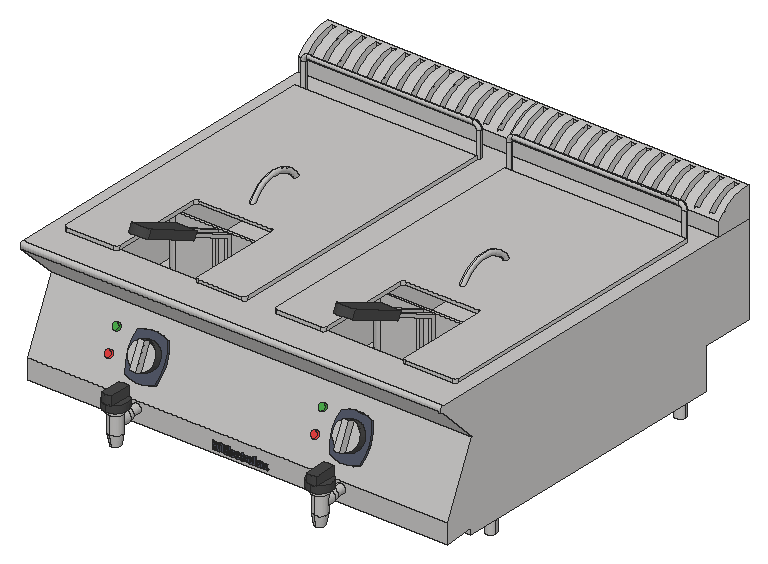
Revit family "QF_ELECTROLUXPROFESSIONAL_371076_E7FREH2B00", category Specialty Equipment, Revit 2018
Family settings
  Round Connector Dimension = Use Diameter
  Part Type = Normal
  Work Plane-Based = No
  Always vertical = Yes
  Cut with Voids When Loaded = No
  Shared = No
  Room Calculation Point = No
Parameters
  Width = 800 mm  # constant formula
  Weight in Pounds = 121  # constant formula
  Watts = 10800 VA  # 10800 W
  Volts = 400 V  # constant formula
  URL Cutsheet = "www.electrolux.com/foodservice"
  URL = "www.electrolux.com/foodservice"
  Type Mark [instance] = ""
  Status [instance] = ""
  Specification by User [instance] = ""
  Specification by Manufacturer = ""
  Show Logo [instance] = yes
  Show Clearance [instance] = yes
  Serial Number = ""
  Seismic Rating = ""
  SMACNA No = ""
  Revision Code [instance] = ""
  Phase = 3  # constant formula
  Omniclass Number and Title = ""
  Number of Poles [instance] = 1
  NAFEM Spec ID Number = ""
  Model = "371076"
  Min Ckt Ampacity = 0 A
  Max Overcurrent Protection = 0 A
  Masterspec = ""
  Manufacturer = "ELECTROLUX"
  Item Number [instance] = ""
  Installed By [instance] = ""
  Identify Quantity as Lot [instance] = yes
  Height = 333 mm  # constant formula
  HP = "14.5 HP"
  Furnished By [instance] = ""
  Foodservice Equipment Identifier [instance] = yes
  FL Amps = if(Phase = 3, Watts / (Volts * 1.73), Watts / Volts)  # 15.6069 A
  Electrical Remarks [instance] = "400 V/3N ph/50/60 Hz"  # constant formula
  Electric Connection Type [instance] = ""
  Elec Conn RI Height [instance] = 0 mm
  Elec Conn Connection Height [instance] = 0 mm
  Direct Waste Size = 0"
  Description = "700XP Two 7 Lt. Wells Electric Fryer Top - 400V"
  Depth = 730 mm  # constant formula
  Cycle = if([60 Hertz Option], 60 Hz, 50 Hz)  # 60 Hz
  Conn Plug = ""
  Conn Conduit = yes
  CSI MasterFormat = ""
  CSI Master Format = ""
  Base Height [instance] = 25.4 mm  # constant formula
  Apparent Power = if(Phase = 3, Volts * FL Amps * 1.73, Volts * FL Amps)  # 10800 VA
  60 Hertz Option = not([50 Hertz Option])  # yes
  50 Hertz Option = no
Reference planes
  plane 1 "BACK": y = 0
  plane 2: z = 0
  plane 3 "LEFT": x = 0
  plane 4 "RIGHT": x = 800
  plane 5 "FRONT": y = -730
  plane 6 "TOP": z = 333
  plane 7 "Center Y": x = 400
  plane 8 "Center X": y = -365
  plane 9 "BASE": z = 25.4
  plane 10 "TOP A": z = 274.638
  plane 11: y = -597.884
  plane 12: y = -147.637
  plane 13: z = 366.713
Forms (mm)
  Extrusion 1, solid, material "QF_Finishes_Stainless Steel"
    sketch origin (0, 0, 0) x (0, 1, 0) y (0, 0, 1)
      loop
        line (0, 274.638) -> (-725.027, 274.638)
        arc (-725.027, 274.638) -> (-730.893, 270.718) -> (-729.517, 263.797) r 6.35
        line (-729.517, 263.797) -> (-657.416, 191.447) -> (-713.522, 70.59) -> (-713.522, 32.49) -> (-660.4, 38.1) -> (-660.4, 25.4) -> (-101.6, 25.4) -> (-101.6, 103.188) -> (0, 103.188) -> (0, 274.638)
    from 0 to 800
  Extrusion 2, solid, material "QF_Finishes_Stainless Steel"
    sketch origin (0, 0, 0) x (0, 1, 0) y (0, 0, 1)
      loop
        line (0, 274.638) -> (0, 333)
        arc (0, 333) -> (-38.795, 324.72) -> (-69.85, 300.038) r 86.758
        line (-69.85, 300.038) -> (-69.85, 274.638) -> (0, 274.638)
    from 0 to 800
  Extrusion 3, void
    sketch origin (0, 0, 274.638) x (-1, 0, 0) y (0, -1, 0)
      loop
        line (-33.338, 147.762) -> (-33.338, 655.762) -> (-373.012, 655.762) -> (-373.012, 147.762) -> (-33.338, 147.762)
      loop
        line (-766.662, 655.762) -> (-766.662, 147.762) -> (-426.987, 147.762) -> (-426.987, 655.762) -> (-766.662, 655.762)
    from 0 to -152.4
  Extrusion 4, void
    sketch origin (0, 0, 274.638) x (-1, 0, 0) y (0, -1, 0)
      loop
        line (-13.453, 6.761) -> (-13.453, 63.911) -> (-22.749, 63.911) -> (-22.749, 6.761) -> (-13.453, 6.761)
    from 25.4 to 63.5
  Extrusion 5, solid, material "QF_Finishes_Stainless Steel"
    sketch origin (0, 0, 0) x (1, 0, 0) y (0, 1, 0)
      loop
        circle (11.112, -147.638) r 9.525
      loop
        circle (11.112, -597.884) r 9.525
      loop
        circle (788.887, -147.638) r 9.525
      loop
        circle (788.887, -597.884) r 9.525
    from 0 to 25.4
  Extrusion 6, solid, material "QF_Finishes_Navy Blue"
    sketch origin (0, -713.522, 70.59) x (0, 0.421077, 0.907025) y (-1, 0, 0)
      loop
        arc (101.077, -565.788) -> (66.2, -558.771) -> (31.333, -565.832) r 89.894
        arc (31.333, -565.832) -> (24.638, -594.363) -> (31.333, -622.893) r 64.14
        arc (31.333, -622.893) -> (66.2, -629.955) -> (101.077, -622.938) r 89.894
        arc (101.077, -622.938) -> (107.792, -594.363) -> (101.077, -565.788) r 64.16
      loop
        arc (101.077, -177.065) -> (66.2, -170.048) -> (31.333, -177.11) r 89.894
        arc (31.333, -177.11) -> (24.638, -205.64) -> (31.333, -234.171) r 64.14
        arc (31.333, -234.171) -> (66.2, -241.236) -> (101.077, -234.215) r 89.853
        arc (101.077, -234.215) -> (107.792, -205.64) -> (101.077, -177.065) r 64.16
    from 0 to 3.175
  Extrusion 7, solid, material "QF_Finishes_Stainless Steel"
    sketch origin (0, -716.402, 71.927) x (0, 0.421077, 0.907025) y (-1, 0, 0)
      loop
        circle (68.826, -594.351) r 25.4
      loop
        circle (68.826, -205.413) r 25.4
    from 0 to 12.7
  Extrusion 8, solid, material "QF_Finishes_Stainless Steel"
    sketch origin (0, -727.921, 77.275) x (0, 0.421077, 0.907025) y (-1, 0, 0)
      loop
        arc (93.558, -600.137) -> (94.226, -594.351) -> (93.558, -588.564) r 25.4
        line (93.558, -588.564) -> (44.094, -588.564)
        arc (44.094, -588.564) -> (43.426, -594.351) -> (44.094, -600.137) r 25.4
        line (44.094, -600.137) -> (93.558, -600.137)
      loop
        arc (93.558, -211.199) -> (94.226, -205.413) -> (93.558, -199.627) r 25.4
        line (93.558, -199.627) -> (44.094, -199.627)
        arc (44.094, -199.627) -> (43.426, -205.413) -> (44.094, -211.199) r 25.4
        line (44.094, -211.199) -> (93.558, -211.199)
    from 0 to 12.7
  Extrusion 9, solid, material "QF_Finishes_Green"
    sketch origin (0, -713.522, 70.59) x (0, 0.421077, 0.907025) y (-1, 0, 0)
      loop
        circle (93.566, -530.485) r 6.35
      loop
        circle (93.566, -138.473) r 6.35
    from 0 to 3.175
  Extrusion 10, solid, material "QF_Finishes_Red"
    sketch origin (0, -713.522, 70.59) x (0, 0.421077, 0.907025) y (-1, 0, 0)
      loop
        circle (50.809, -530.485) r 6.35
      loop
        circle (50.809, -138.473) r 6.35
    from 0 to 3.175
  Revolve 11, solid, material "QF_Finishes_Stainless Steel"
    sketch origin (206.375, 0, 0) x (0, 1, 0) y (0, 0, 1)
      loop
        line (-762.926, 17.277) -> (-753.917, 17.277) -> (-750.301, 37.788) -> (-750.301, 74.129) -> (-747.023, 74.129) -> (-747.023, 82.008) -> (-740.673, 82.008) -> (-740.673, 94.708) -> (-762.926, 94.708) -> (-762.926, 17.277)
      axis (-762.926, 17.277) -> (-762.926, 94.708)
    angle from 0 to 360
  Revolve 12, solid, material "QF_Finishes_Stainless Steel"
    sketch origin (206.375, 0, 0) x (0, 1, 0) y (0, 0, 1)
      loop
        line (-713.522, 57.15) -> (-764.322, 57.15) -> (-764.322, 44.847) -> (-742.357, 44.847) -> (-742.357, 46.549) -> (-733.364, 46.549) -> (-733.364, 48.596) -> (-713.522, 48.596) -> (-713.522, 57.15)
      axis (-764.322, 57.15) -> (-713.522, 57.15)
    angle from 0 to 360
  Revolve 13, solid, material "QF_Finishes_Stainless Steel"
    sketch origin (595.312, 0, 0) x (0, 1, 0) y (0, 0, 1)
      loop
        line (-762.926, 17.277) -> (-753.917, 17.277) -> (-750.301, 37.788) -> (-750.301, 74.129) -> (-747.023, 74.129) -> (-747.023, 82.008) -> (-740.673, 82.008) -> (-740.673, 94.708) -> (-762.926, 94.708) -> (-762.926, 17.277)
      axis (-762.926, 17.277) -> (-762.926, 94.708)
    angle from 0 to 360
  Revolve 14, solid, material "QF_Finishes_Stainless Steel"
    sketch origin (595.312, 0, 0) x (0, 1, 0) y (0, 0, 1)
      loop
        line (-713.522, 57.15) -> (-764.322, 57.15) -> (-764.322, 44.847) -> (-742.357, 44.847) -> (-742.357, 46.549) -> (-733.364, 46.549) -> (-733.364, 48.596) -> (-713.522, 48.596) -> (-713.522, 57.15)
      axis (-764.322, 57.15) -> (-713.522, 57.15)
    angle from 0 to 360
  Extrusion 15, solid, material "QF_Finishes_Black"
    sketch origin (206.375, -762.926, 94.708) x (0, 1, 0) y (-1, 0, 0)
      loop
        line (20.063, 9.626) -> (-20.063, 9.626)
        arc (-20.063, 9.626) -> (-22.253, 0) -> (-20.063, -9.626) r 22.253
        line (-20.063, -9.626) -> (20.063, -9.626)
        arc (20.063, -9.626) -> (22.253, 0) -> (20.063, 9.626) r 22.253
      loop
        line (20.063, -379.312) -> (-20.063, -379.312)
        arc (-20.063, -379.312) -> (-22.253, -388.937) -> (-20.063, -398.563) r 22.253
        line (-20.063, -398.563) -> (20.063, -398.563)
        arc (20.063, -398.563) -> (22.253, -388.937) -> (20.063, -379.312) r 22.253
    from 0 to 16.412
  Extrusion 16, solid, material "QF_Finishes_Stainless Steel"
    sketch origin (0, -101.6, 103.188) x (0, 0, -1) y (-1, 0, 0)
      loop
        circle (43.882, -736.5) r 12.7
    from 0 to 12.7
  Extrusion 17, solid, material "QF_Finishes_Clearance", visible <- "Show Clearance", detail levels coarse
    sketch origin (0, 0, 0) x (1, 0, 0) y (0, 1, 0)
      loop
        line (0, -731.377) -> (0, 0) -> (800, 0) -> (800, -731.377) -> (950.019, -731.377) -> (950.019, 150.019) -> (-150.019, 150.019) -> (-150.019, -731.377) -> (0, -731.377)
    from 0 to 333
  Extrusion 18, solid, material "QF_Finishes_Stainless Steel"
    sketch origin (0, 0, 274.638) x (-1, 0, 0) y (0, -1, 0)
      loop
        arc (-26.988, 655.762) -> (-28.847, 660.252) -> (-33.338, 662.112) r 6.35
        line (-33.338, 662.112) -> (-122.238, 662.112)
        arc (-122.238, 662.112) -> (-126.728, 660.252) -> (-128.588, 655.762) r 6.35
        line (-128.588, 655.762) -> (-128.588, 481.012)
        arc (-128.588, 481.012) -> (-130.447, 476.521) -> (-134.938, 474.662) r 6.35
        line (-134.938, 474.662) -> (-271.412, 474.662)
        arc (-271.412, 474.662) -> (-275.903, 476.521) -> (-277.762, 481.012) r 6.35
        line (-277.762, 481.012) -> (-277.762, 655.762)
        arc (-277.762, 655.762) -> (-279.622, 660.252) -> (-284.112, 662.112) r 6.35
        line (-284.112, 662.112) -> (-366.662, 662.112)
        arc (-366.662, 662.112) -> (-371.153, 660.252) -> (-373.012, 655.762) r 6.35
        line (-373.012, 655.762) -> (-373.012, 112.837) -> (-26.988, 112.837) -> (-26.988, 655.762)
      loop
        line (-773.012, 655.762) -> (-773.012, 112.837) -> (-426.987, 112.837) -> (-426.987, 655.762)
        arc (-426.987, 655.762) -> (-428.847, 660.252) -> (-433.337, 662.112) r 6.35
        line (-433.337, 662.112) -> (-515.887, 662.112)
        arc (-515.887, 662.112) -> (-520.378, 660.252) -> (-522.237, 655.762) r 6.35
        line (-522.237, 655.762) -> (-522.237, 481.012)
        arc (-522.237, 481.012) -> (-524.097, 476.521) -> (-528.587, 474.662) r 6.35
        line (-528.587, 474.662) -> (-665.062, 474.662)
        arc (-665.062, 474.662) -> (-669.553, 476.521) -> (-671.412, 481.012) r 6.35
        line (-671.412, 481.012) -> (-671.412, 655.762)
        arc (-671.412, 655.762) -> (-673.272, 660.252) -> (-677.762, 662.112) r 6.35
        line (-677.762, 662.112) -> (-766.662, 662.112)
        arc (-766.662, 662.112) -> (-771.153, 660.252) -> (-773.012, 655.762) r 6.35
    from 0 to 6.35
  Sweep 19, solid, material "QF_Finishes_Stainless Steel"
    path origin (0, 36.513, 0) x (1, 0, 0) y (0, 0, 1)
      loop
        line (39.688, 274.638) -> (39.688, 323.475)
        arc (39.688, 323.475) -> (41.547, 327.965) -> (46.038, 329.825) r 6.35
        line (46.038, 329.825) -> (362.669, 329.825)
        arc (362.669, 329.825) -> (367.16, 327.965) -> (369.019, 323.475) r 6.35
        line (369.019, 323.475) -> (369.019, 274.637)
    profile origin (39.688, 36.513, 299.056) x (-1, 0, 0) y (0, -1, 0)
      loop
        circle (2.09, 140.754) r 3.827
  Extrusion 20, solid, material "QF_Finishes_Black"
    sketch origin (271.462, -708.83, 366.66) x (0, 0.906308, -0.422618) y (-1, 0, 0)
      loop
        line (10.103, 47.37) -> (128.716, 47.37) -> (128.716, 84.605) -> (10.103, 84.605)
        arc (10.103, 84.605) -> (-0.124, 65.987) -> (10.103, 47.37) r 22.059
    from -15.884 to 0
  Extrusion 21, solid, material "QF_Finishes_Stainless Steel"
    sketch origin (271.463, 41.275, 0) x (0, 1, 0) y (0, 0, 1)
      loop
        line (-547.91, 165.638) -> (-547.91, 267.115) -> (-635.463, 307.942) -> (-638.147, 302.187) -> (-554.26, 263.07) -> (-554.26, 165.638) -> (-547.91, 165.638)
    from -80.476 to -74.619
  Extrusion 22, solid, material "QF_Finishes_Stainless Steel"
    sketch origin (139.588, 41.275, 0) x (0, 1, 0) y (0, 0, -1)
      loop
        line (-554.26, -263.07) -> (-638.147, -302.187) -> (-635.463, -307.942) -> (-547.91, -267.115) -> (-547.91, -165.638) -> (-554.26, -165.638) -> (-554.26, -263.07)
    from -80.476 to -74.619
  Sweep 23, solid, material "QF_Finishes_Stainless Steel"
    path origin (200.025, -0.124, 0) x (0, 1, 0) y (0, 0, 1)
      loop
        arc (-323.261, 274.638) -> (-377.7, 308.416) -> (-432.139, 274.638) r 60.757
    profile origin (200.025, -377.824, 308.416) x (0, 0, -1) y (1, 0, 0)
      loop
        circle (0, 0) r 4.353
  Sweep 24, solid, material "QF_Finishes_Stainless Steel"
    path origin (600.075, -0.124, 0) x (0, 1, 0) y (0, 0, -1)
      loop
        arc (-323.261, -274.638) -> (-377.7, -308.416) -> (-432.139, -274.638) r 60.757
    profile origin (600.075, -377.824, 308.416) x (0, 0, 1) y (-1, 0, 0)
      loop
        circle (0, 0) r 4.353
  Extrusion 25, solid, material "QF_Finishes_Black"
    sketch origin (528.637, -708.83, 366.66) x (0, 0.906308, -0.422618) y (-1, 0, 0)
      loop
        arc (10.103, -47.27) -> (-0.124, -65.887) -> (10.103, -84.505) r 22.059
        line (10.103, -84.505) -> (128.716, -84.505) -> (128.716, -47.27) -> (10.103, -47.27)
    from -15.884 to 0
  Extrusion 26, solid, material "QF_Finishes_Mesh"
    sketch origin (0, 0, 274.638) x (-1, 0, 0) y (0, -1, 0)
      loop
        arc (-116.625, 189.135) -> (-98.665, 196.575) -> (-91.225, 214.535) r 25.4
        line (-91.225, 214.535) -> (-91.225, 481.11)
        arc (-91.225, 481.11) -> (-98.665, 499.071) -> (-116.625, 506.51) r 25.4
        line (-116.625, 506.51) -> (-294.375, 506.51)
        arc (-294.375, 506.51) -> (-312.336, 499.071) -> (-319.775, 481.11) r 25.4
        line (-319.775, 481.11) -> (-319.775, 214.535)
        arc (-319.775, 214.535) -> (-312.336, 196.575) -> (-294.375, 189.135) r 25.4
        line (-294.375, 189.135) -> (-116.625, 189.135)
      loop
        arc (-116.625, 192.31) -> (-100.91, 198.82) -> (-94.4, 214.535) r 22.225
        line (-94.4, 214.535) -> (-94.4, 481.11)
        arc (-94.4, 481.11) -> (-100.91, 496.826) -> (-116.625, 503.335) r 22.225
        line (-116.625, 503.335) -> (-294.375, 503.335)
        arc (-294.375, 503.335) -> (-310.091, 496.826) -> (-316.6, 481.11) r 22.225
        line (-316.6, 481.11) -> (-316.6, 214.535)
        arc (-316.6, 214.535) -> (-310.091, 198.82) -> (-294.375, 192.31) r 22.225
        line (-294.375, 192.31) -> (-116.625, 192.31)
      loop
        line (-683.375, 189.135) -> (-505.625, 189.135)
        arc (-505.625, 189.135) -> (-487.664, 196.575) -> (-480.225, 214.535) r 25.4
        line (-480.225, 214.535) -> (-480.225, 481.11)
        arc (-480.225, 481.11) -> (-487.664, 499.071) -> (-505.625, 506.51) r 25.4
        line (-505.625, 506.51) -> (-683.375, 506.51)
        arc (-683.375, 506.51) -> (-701.335, 499.071) -> (-708.775, 481.11) r 25.4
        line (-708.775, 481.11) -> (-708.775, 214.535)
        arc (-708.775, 214.535) -> (-701.335, 196.575) -> (-683.375, 189.135) r 25.4
      loop
        line (-683.375, 192.31) -> (-505.625, 192.31)
        arc (-505.625, 192.31) -> (-489.909, 198.82) -> (-483.4, 214.535) r 22.225
        line (-483.4, 214.535) -> (-483.4, 481.11)
        arc (-483.4, 481.11) -> (-489.909, 496.826) -> (-505.625, 503.335) r 22.225
        line (-505.625, 503.335) -> (-683.375, 503.335)
        arc (-683.375, 503.335) -> (-699.09, 496.826) -> (-705.6, 481.11) r 22.225
        line (-705.6, 481.11) -> (-705.6, 214.535)
        arc (-705.6, 214.535) -> (-699.09, 198.82) -> (-683.375, 192.31) r 22.225
    from -109 to -5.315
  Extrusion 27, solid, material "QF_Finishes_Stainless Steel"
    sketch origin (528.637, 41.275, 0) x (0, 1, 0) y (0, 0, -1)
      loop
        line (-547.91, -165.638) -> (-554.26, -165.638) -> (-554.26, -263.07) -> (-638.147, -302.187) -> (-635.463, -307.942) -> (-547.91, -267.115) -> (-547.91, -165.638)
    from -80.476 to -74.619
  Extrusion 28, solid, material "QF_Finishes_Stainless Steel"
    sketch origin (660.512, 41.275, 0) x (0, 1, 0) y (0, 0, 1)
      loop
        line (-554.26, 263.07) -> (-554.26, 165.638) -> (-547.91, 165.638) -> (-547.91, 267.115) -> (-635.463, 307.942) -> (-638.147, 302.187) -> (-554.26, 263.07)
    from -80.476 to -74.619
  Sweep 29, solid, material "QF_Finishes_Stainless Steel"
    path origin (800.1, 36.513, 0) x (-1, 0, 0) y (0, 0, -1)
      loop
        line (39.788, -274.638) -> (39.788, -323.475)
        arc (39.788, -323.475) -> (41.647, -327.965) -> (46.138, -329.825) r 6.35
        line (46.138, -329.825) -> (362.769, -329.825)
        arc (362.769, -329.825) -> (367.26, -327.965) -> (369.119, -323.475) r 6.35
        line (369.119, -323.475) -> (369.119, -274.637)
    profile origin (760.312, 36.513, 299.056) x (-1, 0, 0) y (0, -1, 0)
      loop
        circle (-2.09, 140.754) r 3.827
  Extrusion 30, void
    sketch origin (361.95, 0, 274.638) x (-1, 0, 0) y (0, -1, 0)
      loop
        line (-13.403, 6.761) -> (-13.403, 63.911) -> (-22.699, 63.911) -> (-22.699, 6.761) -> (-13.403, 6.761)
    from 25.4 to 63.5
  Extrusion 31, void
    sketch origin (27.842, 0, 274.638) x (-1, 0, 0) y (0, -1, 0)
      loop
        line (-13.453, 6.761) -> (-13.453, 63.911) -> (-22.749, 63.911) -> (-22.749, 6.761) -> (-13.453, 6.761)
    from 25.4 to 63.5
  Extrusion 32, void
    sketch origin (55.685, 0, 274.638) x (-1, 0, 0) y (0, -1, 0)
      loop
        line (-13.453, 6.761) -> (-13.453, 63.911) -> (-22.749, 63.911) -> (-22.749, 6.761) -> (-13.453, 6.761)
    from 25.4 to 63.5
  Extrusion 33, void
    sketch origin (83.527, 0, 274.638) x (-1, 0, 0) y (0, -1, 0)
      loop
        line (-13.453, 6.761) -> (-13.453, 63.911) -> (-22.749, 63.911) -> (-22.749, 6.761) -> (-13.453, 6.761)
    from 25.4 to 63.5
  Extrusion 34, void
    sketch origin (111.369, 0, 274.638) x (-1, 0, 0) y (0, -1, 0)
      loop
        line (-13.453, 6.761) -> (-13.453, 63.911) -> (-22.749, 63.911) -> (-22.749, 6.761) -> (-13.453, 6.761)
    from 25.4 to 63.5
  Extrusion 35, void
    sketch origin (139.212, 0, 274.638) x (-1, 0, 0) y (0, -1, 0)
      loop
        line (-13.453, 6.761) -> (-13.453, 63.911) -> (-22.749, 63.911) -> (-22.749, 6.761) -> (-13.453, 6.761)
    from 25.4 to 63.5
  Extrusion 36, void
    sketch origin (167.054, 0, 274.638) x (-1, 0, 0) y (0, -1, 0)
      loop
        line (-13.453, 6.761) -> (-13.453, 63.911) -> (-22.749, 63.911) -> (-22.749, 6.761) -> (-13.453, 6.761)
    from 25.4 to 63.5
  Extrusion 37, void
    sketch origin (194.896, 0, 274.638) x (-1, 0, 0) y (0, -1, 0)
      loop
        line (-13.403, 6.761) -> (-13.403, 63.911) -> (-22.699, 63.911) -> (-22.699, 6.761) -> (-13.403, 6.761)
    from 25.4 to 63.5
  Extrusion 38, void
    sketch origin (222.738, 0, 274.638) x (-1, 0, 0) y (0, -1, 0)
      loop
        line (-13.403, 6.761) -> (-13.403, 63.911) -> (-22.699, 63.911) -> (-22.699, 6.761) -> (-13.403, 6.761)
    from 25.4 to 63.5
  Extrusion 39, void
    sketch origin (250.581, 0, 274.638) x (-1, 0, 0) y (0, -1, 0)
      loop
        line (-13.403, 6.761) -> (-13.403, 63.911) -> (-22.699, 63.911) -> (-22.699, 6.761) -> (-13.403, 6.761)
    from 25.4 to 63.5
  Extrusion 40, void
    sketch origin (278.423, 0, 274.638) x (-1, 0, 0) y (0, -1, 0)
      loop
        line (-13.403, 6.761) -> (-13.403, 63.911) -> (-22.699, 63.911) -> (-22.699, 6.761) -> (-13.403, 6.761)
    from 25.4 to 63.5
  Extrusion 41, void
    sketch origin (306.265, 0, 274.638) x (-1, 0, 0) y (0, -1, 0)
      loop
        line (-13.403, 6.761) -> (-13.403, 63.911) -> (-22.699, 63.911) -> (-22.699, 6.761) -> (-13.403, 6.761)
    from 25.4 to 63.5
  Extrusion 42, void
    sketch origin (334.108, 0, 274.638) x (-1, 0, 0) y (0, -1, 0)
      loop
        line (-13.403, 6.761) -> (-13.403, 63.911) -> (-22.699, 63.911) -> (-22.699, 6.761) -> (-13.403, 6.761)
    from 25.4 to 63.5
  Extrusion 43, void
    sketch origin (800.1, 0, 274.638) x (1, 0, 0) y (0, 1, 0)
      loop
        line (-13.553, -6.761) -> (-22.849, -6.761) -> (-22.849, -63.911) -> (-13.553, -63.911) -> (-13.553, -6.761)
    from 25.4 to 63.5
  Extrusion 44, void
    sketch origin (438.15, 0, 274.638) x (1, 0, 0) y (0, 1, 0)
      loop
        line (-13.503, -6.761) -> (-22.799, -6.761) -> (-22.799, -63.911) -> (-13.503, -63.911) -> (-13.503, -6.761)
    from 25.4 to 63.5
  Extrusion 45, void
    sketch origin (772.258, 0, 274.638) x (1, 0, 0) y (0, 1, 0)
      loop
        line (-13.553, -6.761) -> (-22.849, -6.761) -> (-22.849, -63.911) -> (-13.553, -63.911) -> (-13.553, -6.761)
    from 25.4 to 63.5
  Extrusion 46, void
    sketch origin (744.415, 0, 274.638) x (1, 0, 0) y (0, 1, 0)
      loop
        line (-13.553, -6.761) -> (-22.849, -6.761) -> (-22.849, -63.911) -> (-13.553, -63.911) -> (-13.553, -6.761)
    from 25.4 to 63.5
  Extrusion 47, void
    sketch origin (716.573, 0, 274.638) x (1, 0, 0) y (0, 1, 0)
      loop
        line (-13.553, -6.761) -> (-22.849, -6.761) -> (-22.849, -63.911) -> (-13.553, -63.911) -> (-13.553, -6.761)
    from 25.4 to 63.5
  Extrusion 48, void
    sketch origin (688.731, 0, 274.638) x (1, 0, 0) y (0, 1, 0)
      loop
        line (-13.553, -6.761) -> (-22.849, -6.761) -> (-22.849, -63.911) -> (-13.553, -63.911) -> (-13.553, -6.761)
    from 25.4 to 63.5
  Extrusion 49, void
    sketch origin (660.888, 0, 274.638) x (1, 0, 0) y (0, 1, 0)
      loop
        line (-13.553, -6.761) -> (-22.849, -6.761) -> (-22.849, -63.911) -> (-13.553, -63.911) -> (-13.553, -6.761)
    from 25.4 to 63.5
  Extrusion 50, void
    sketch origin (633.046, 0, 274.638) x (1, 0, 0) y (0, 1, 0)
      loop
        line (-13.553, -6.761) -> (-22.849, -6.761) -> (-22.849, -63.911) -> (-13.553, -63.911) -> (-13.553, -6.761)
    from 25.4 to 63.5
  Extrusion 51, void
    sketch origin (605.204, 0, 274.638) x (1, 0, 0) y (0, 1, 0)
      loop
        line (-13.503, -6.761) -> (-22.799, -6.761) -> (-22.799, -63.911) -> (-13.503, -63.911) -> (-13.503, -6.761)
    from 25.4 to 63.5
  Extrusion 52, void
    sketch origin (577.362, 0, 274.638) x (1, 0, 0) y (0, 1, 0)
      loop
        line (-13.503, -6.761) -> (-22.799, -6.761) -> (-22.799, -63.911) -> (-13.503, -63.911) -> (-13.503, -6.761)
    from 25.4 to 63.5
  Extrusion 53, void
    sketch origin (549.519, 0, 274.638) x (1, 0, 0) y (0, 1, 0)
      loop
        line (-13.503, -6.761) -> (-22.799, -6.761) -> (-22.799, -63.911) -> (-13.503, -63.911) -> (-13.503, -6.761)
    from 25.4 to 63.5
  Extrusion 54, void
    sketch origin (521.677, 0, 274.638) x (1, 0, 0) y (0, 1, 0)
      loop
        line (-13.503, -6.761) -> (-22.799, -6.761) -> (-22.799, -63.911) -> (-13.503, -63.911) -> (-13.503, -6.761)
    from 25.4 to 63.5
  Extrusion 55, void
    sketch origin (493.835, 0, 274.638) x (1, 0, 0) y (0, 1, 0)
      loop
        line (-13.503, -6.761) -> (-22.799, -6.761) -> (-22.799, -63.911) -> (-13.503, -63.911) -> (-13.503, -6.761)
    from 25.4 to 63.5
  Extrusion 56, void
    sketch origin (465.992, 0, 274.638) x (1, 0, 0) y (0, 1, 0)
      loop
        line (-13.503, -6.761) -> (-22.799, -6.761) -> (-22.799, -63.911) -> (-13.503, -63.911) -> (-13.503, -6.761)
    from 25.4 to 63.5
  Extrusion 57, void
    sketch origin (418.151, 0, 274.638) x (1, 0, 0) y (0, 1, 0)
      loop
        line (-16.563, 0) -> (-19.738, 0) -> (-19.738, -69.85) -> (-16.563, -69.85) -> (-16.563, 0)
    from 25.4 to 63.5
  Extrusion 58, solid, material "QF_Finishes_Navy Blue", visible <- "Show Logo"
    sketch origin (65.136, -713.772, 32.49) x (0, 0, 1) y (-1, 0, 0)
      loop
        line (20.674, -296.698) -> (8.307, -296.698)
        arc (8.307, -296.698) -> (14.491, -301.27) -> (20.674, -296.698) r 6.467
      loop
        arc (20.674, -296.069) -> (19.505, -290.926) -> (14.849, -288.448) r 6.338
        line (14.849, -288.448) -> (14.849, -290.494)
        arc (14.849, -290.494) -> (16.333, -294.149) -> (19.778, -296.069) r 5.941
        line (19.778, -296.069) -> (20.674, -296.069)
      loop
        arc (9.203, -296.069) -> (12.648, -294.149) -> (14.132, -290.494) r 5.941
        line (14.132, -290.494) -> (14.132, -288.448)
        arc (14.132, -288.448) -> (9.438, -290.922) -> (8.148, -296.069) r 6.504
        line (8.148, -296.069) -> (9.203, -296.069)
      loop
        line (21.349, -287.979) -> (7.604, -287.979) -> (7.604, -301.742) -> (21.349, -301.742) -> (21.349, -287.979)
      loop
        arc (21.432, -304.71) -> (21.085, -304.352) -> (20.718, -304.69) r 0.358
        arc (20.718, -304.69) -> (20.404, -305.44) -> (19.687, -305.825) r 1.216
        line (19.687, -305.825) -> (9.274, -305.825)
        arc (9.274, -305.825) -> (8.614, -305.548) -> (8.218, -304.951) r 1.238
        arc (8.218, -304.951) -> (7.823, -304.7) -> (7.518, -305.054) r 0.358
        line (7.518, -305.054) -> (7.518, -314.933) -> (10.269, -314.933) -> (10.269, -314.036)
        arc (10.269, -314.036) -> (9.36, -313.456) -> (8.904, -312.479) r 1.928
        line (8.904, -312.479) -> (8.904, -309.98)
        arc (8.904, -309.98) -> (9.18, -309.251) -> (9.868, -308.887) r 1.101
        line (9.868, -308.887) -> (13.955, -308.887) -> (13.955, -312.561)
        arc (13.955, -312.561) -> (13.602, -313.058) -> (13.037, -313.286) r 1.083
        arc (13.037, -313.286) -> (12.773, -313.591) -> (13.065, -313.869) r 0.292
        line (13.065, -313.869) -> (16.028, -313.869)
        arc (16.028, -313.869) -> (16.33, -313.596) -> (16.092, -313.266) r 0.305
        arc (16.092, -313.266) -> (15.601, -313.018) -> (15.296, -312.561) r 1.083
        line (15.296, -312.561) -> (15.296, -308.887) -> (19.973, -308.887) -> (19.973, -312.635)
        arc (19.973, -312.635) -> (19.759, -313.39) -> (19.153, -313.888) r 1.314
        arc (19.153, -313.888) -> (18.934, -314.292) -> (19.288, -314.585) r 0.361
        line (19.288, -314.585) -> (21.432, -314.585) -> (21.432, -304.71)
      loop
        arc (20.715, -315.365) -> (20.335, -316.284) -> (19.416, -316.664) r 1.299
        line (19.416, -316.664) -> (9.837, -316.664)
        arc (9.837, -316.664) -> (8.999, -316.286) -> (8.728, -315.408) r 1.118
        line (8.728, -315.408) -> (7.518, -315.408) -> (7.518, -320.758) -> (8.706, -320.758)
        arc (8.706, -320.758) -> (8.978, -319.841) -> (9.848, -319.445) r 1.153
        line (9.848, -319.445) -> (21.92, -319.445) -> (20.715, -315.365)
      loop
        line (12.483, -323.394) -> (12.483, -329.842) -> (13.282, -329.842)
        arc (13.282, -329.842) -> (15.862, -328.857) -> (17.131, -326.404) r 3.874
        line (17.131, -326.404) -> (17.131, -324.643)
        arc (17.131, -324.643) -> (15.944, -321.778) -> (13.08, -320.592) r 4.051
        line (13.08, -320.592) -> (11.072, -320.592)
        arc (11.072, -320.592) -> (8.253, -322.077) -> (7.202, -325.084) r 4.352
        arc (7.202, -325.084) -> (7.566, -327.547) -> (8.943, -329.621) r 5.713
        line (8.943, -329.621) -> (9.892, -329.621)
        arc (9.892, -329.621) -> (9.16, -328.052) -> (8.943, -326.334) r 5.579
        arc (8.943, -326.334) -> (9.737, -324.371) -> (11.616, -323.394) r 3.057
        line (11.616, -323.394) -> (12.483, -323.394)
      loop
        line (13.742, -323.394) -> (13.742, -326.977)
        arc (13.742, -326.977) -> (15.199, -327.024) -> (16.082, -325.864) r 1.59
        line (16.082, -325.864) -> (16.082, -325.034)
        arc (16.082, -325.034) -> (15.217, -323.779) -> (13.742, -323.394) r 2.184
      loop
        arc (16.533, -339.259) -> (17.022, -337.585) -> (17.179, -335.848) r 9.023
        line (17.179, -335.848) -> (17.179, -334.486)
        arc (17.179, -334.486) -> (16.02, -331.686) -> (13.22, -330.527) r 3.959
        line (13.22, -330.527) -> (10.62, -330.527)
        arc (10.62, -330.527) -> (8.338, -331.819) -> (7.221, -334.192) r 4.331
        line (7.221, -334.192) -> (7.221, -336.327)
        arc (7.221, -336.327) -> (7.729, -337.877) -> (8.651, -339.223) r 5.772
        arc (8.651, -339.223) -> (9.412, -339.274) -> (9.499, -338.515) r 0.553
        arc (9.499, -338.515) -> (9.111, -337.781) -> (8.977, -336.962) r 2.573
        line (8.977, -336.962) -> (8.977, -335.447)
        arc (8.977, -335.447) -> (9.983, -333.806) -> (11.798, -333.163) r 2.884
        line (11.798, -333.163) -> (13.077, -333.163)
        arc (13.077, -333.163) -> (14.898, -333.723) -> (15.824, -335.388) r 2.554
        line (15.824, -335.388) -> (15.824, -336.441)
        arc (15.824, -336.441) -> (15.493, -337.369) -> (14.836, -338.104) r 2.564
        arc (14.836, -338.104) -> (14.614, -338.821) -> (15.223, -339.259) r 0.643
        line (15.223, -339.259) -> (16.533, -339.259)
      loop
        line (15.515, -339.53) -> (15.515, -341.031) -> (9.467, -341.031)
        arc (9.467, -341.031) -> (7.879, -341.688) -> (7.221, -343.276) r 2.246
        line (7.221, -343.276) -> (7.221, -344.86)
        arc (7.221, -344.86) -> (7.535, -345.725) -> (8.035, -346.496) r 4.06
        arc (8.035, -346.496) -> (8.768, -346.629) -> (9.019, -345.928) r 0.576
        arc (9.019, -345.928) -> (8.913, -345.403) -> (8.977, -344.87) r 1.69
        arc (8.977, -344.87) -> (9.519, -344.082) -> (10.425, -343.779) r 1.506
        line (10.425, -343.779) -> (15.563, -343.779) -> (15.563, -346.176) -> (16.119, -346.733) -> (16.941, -346.733) -> (16.941, -343.873) -> (20.172, -343.873) -> (15.515, -339.53)
      loop
        line (7.438, -347.63) -> (7.438, -353.017) -> (8.548, -353.017)
        arc (8.548, -353.017) -> (8.942, -352.066) -> (9.893, -351.672) r 1.345
        line (9.893, -351.672) -> (13.509, -351.672)
        arc (13.509, -351.672) -> (14.274, -352.264) -> (14.564, -353.186) r 1.615
        line (14.564, -353.186) -> (14.564, -354.742) -> (17.119, -355.427) -> (17.119, -354.044) -> (15.177, -351.485) -> (17.057, -351.485) -> (16.773, -348.779)
        arc (16.773, -348.779) -> (16.333, -348.249) -> (15.674, -348.45) r 0.621
        arc (15.674, -348.45) -> (15.274, -348.792) -> (14.78, -348.975) r 1.501
        line (14.78, -348.975) -> (9.893, -348.975)
        arc (9.893, -348.975) -> (8.942, -348.581) -> (8.548, -347.63) r 1.345
        line (8.548, -347.63) -> (7.438, -347.63)
      loop
        line (13.54, -354.964) -> (10.848, -354.964)
        arc (10.848, -354.964) -> (8.403, -356.272) -> (7.269, -358.803) r 4.288
        arc (7.269, -358.803) -> (7.205, -360.183) -> (7.269, -361.563) r 15.022
        arc (7.269, -361.563) -> (8.403, -364.094) -> (10.848, -365.401) r 4.288
        line (10.848, -365.401) -> (13.54, -365.401)
        arc (13.54, -365.401) -> (15.986, -364.094) -> (17.119, -361.563) r 4.288
        arc (17.119, -361.563) -> (17.183, -360.183) -> (17.119, -358.803) r 15.022
        arc (17.119, -358.803) -> (15.986, -356.272) -> (13.54, -354.964) r 4.288
      loop
        line (13.745, -358.078) -> (10.643, -358.078)
        arc (10.643, -358.078) -> (8.486, -360.235) -> (10.643, -362.392) r 2.157
        line (10.643, -362.392) -> (13.745, -362.392)
        arc (13.745, -362.392) -> (15.902, -360.235) -> (13.745, -358.078) r 2.157
      loop
        arc (20.726, -365.26) -> (20.355, -366.154) -> (19.461, -366.524) r 1.264
        line (19.461, -366.524) -> (9.597, -366.524)
        arc (9.597, -366.524) -> (8.727, -366.127) -> (8.455, -365.211) r 1.153
        line (8.455, -365.211) -> (7.518, -365.211) -> (7.518, -370.319) -> (8.446, -370.319)
        arc (8.446, -370.319) -> (8.805, -369.547) -> (9.597, -369.232) r 1.153
        line (9.597, -369.232) -> (21.92, -369.232) -> (20.726, -365.26)
      loop
        arc (15.846, -369.857) -> (15.647, -370.921) -> (14.678, -371.403) r 1.215
        line (14.678, -371.403) -> (9.658, -371.403)
        arc (9.658, -371.403) -> (8.043, -372.051) -> (7.322, -373.634) r 2.338
        line (7.322, -373.634) -> (7.322, -375.148)
        arc (7.322, -375.148) -> (7.497, -376.152) -> (7.999, -377.038) r 2.979
        line (7.999, -377.038) -> (7.518, -378.835) -> (7.518, -380.524) -> (16.943, -380.524) -> (16.649, -376.32) -> (15.863, -376.32)
        arc (15.863, -376.32) -> (15.507, -377.156) -> (14.755, -377.665) r 1.605
        line (14.755, -377.665) -> (9.652, -377.665)
        arc (9.652, -377.665) -> (9.232, -376.728) -> (9.159, -375.704) r 2.94
        arc (9.159, -375.704) -> (9.72, -374.603) -> (10.873, -374.16) r 1.724
        line (10.873, -374.16) -> (17.07, -374.16) -> (15.846, -369.857)
      loop
        line (16.874, -381.377) -> (15.202, -383.423) -> (12.028, -385.729) -> (8.572, -382.617)
        arc (8.572, -382.617) -> (8.335, -382.223) -> (8.357, -381.764) r 0.789
        line (8.357, -381.764) -> (7.518, -381.764) -> (7.518, -385.309) -> (8.344, -385.309)
        arc (8.344, -385.309) -> (8.686, -384.947) -> (9.176, -385.039) r 0.52
        line (9.176, -385.039) -> (10.976, -386.51) -> (8.858, -387.886)
        arc (8.858, -387.886) -> (8.457, -387.576) -> (8.37, -387.076) r 0.7
        line (8.37, -387.076) -> (7.518, -387.076) -> (7.518, -393.003) -> (8.405, -393.003)
        arc (8.405, -393.003) -> (8.472, -392.344) -> (8.866, -391.813) r 1.247
        line (8.866, -391.813) -> (13.066, -388.532) -> (15.513, -390.585) -> (16.874, -392.327) -> (16.874, -388.604) -> (15.389, -389.026) -> (13.868, -387.749) -> (15.568, -386.559) -> (16.874, -387.336) -> (16.874, -381.377)
    from 0 to 1.644
Cuts and joins
  Extrusion 3, Extrusion 4 cuts Extrusion 1
  Extrusion 4, Extrusion 30, Extrusion 31, Extrusion 32, Extrusion 33, Extrusion 34, Extrusion 35, Extrusion 36, Extrusion 37, Extrusion 38, Extrusion 39, Extrusion 40, Extrusion 41, Extrusion 42, Extrusion 43, Extrusion 44, Extrusion 45, Extrusion 46, Extrusion 47, Extrusion 48, Extrusion 49, Extrusion 50, Extrusion 51, Extrusion 52, Extrusion 53, Extrusion 54, Extrusion 55, Extrusion 56, Extrusion 57 cuts Extrusion 2
  joined: Extrusion 7, Extrusion 8
  joined: Extrusion 18, Sweep 23, Sweep 24
  Extrusion 30, Extrusion 31, Extrusion 32, Extrusion 33, Extrusion 34, Extrusion 35, Extrusion 36, Extrusion 37, Extrusion 38, Extrusion 39, Extrusion 40, Extrusion 41, Extrusion 42, Extrusion 43, Extrusion 44, Extrusion 45, Extrusion 46, Extrusion 47, Extrusion 48, Extrusion 49, Extrusion 50, Extrusion 51, Extrusion 52, Extrusion 53, Extrusion 54, Extrusion 55, Extrusion 56, Extrusion 57 cuts Extrusion 17
Lines and regions (mm)
  symbolic lines, style "QF-Clearances", visible <- "Show Clearance", detail levels coarse
    curve 1: line (-150.019, 150.019, 274.638) -> (-150.019, -731.377, 274.638)
    curve 2: line (950.019, 150.019, 274.638) -> (-150.019, 150.019, 274.638)
    curve 3: line (950.019, -731.377, 274.638) -> (950.019, 150.019, 274.638)
  symbolic lines
    curve 4: line (0, 0, 274.638) -> (800, 0, 274.638)
    curve 5: line (0, -730, 274.638) -> (0, 0, 274.638)
    curve 6: line (800, -730, 274.638) -> (0, -730, 274.638)
    curve 7: line (800, 0, 274.638) -> (800, -730, 274.638)
    curve 8: line (22.699, -6.761, 274.638) -> (22.699, -63.911, 274.638)
    curve 9: line (13.403, -63.911, 274.638) -> (13.403, -6.761, 274.638)
    curve 10: line (13.403, -6.761, 274.638) -> (22.699, -6.761, 274.638)
    curve 11: line (26.937, -112.837, 274.638) -> (26.937, -655.762, 274.638)
    curve 12: arc (26.937, -655.762, 274.638) -> (28.812, -660.287, 274.638) -> (33.338, -662.162, 274.638) r 6.4
    curve 13: line (33.338, -662.162, 274.638) -> (122.188, -662.162, 274.638)
    curve 14: arc (122.188, -662.162, 274.638) -> (126.678, -660.302, 274.638) -> (128.538, -655.812, 274.638) r 6.35
    curve 15: line (128.538, -655.812, 274.638) -> (128.538, -481.012, 274.638)
    curve 16: arc (128.537, -481.012, 274.638) -> (130.397, -476.521, 274.638) -> (134.887, -474.662, 274.638) r 6.35
    curve 17: line (134.887, -474.662, 274.638) -> (271.412, -474.662, 274.638)
    curve 18: arc (271.412, -474.662, 274.638) -> (275.903, -476.521, 274.638) -> (277.762, -481.012, 274.638) r 6.35
    curve 19: line (277.762, -481.012, 274.638) -> (277.762, -655.812, 274.638)
    curve 20: arc (277.762, -655.812, 274.638) -> (279.622, -660.302, 274.638) -> (284.112, -662.162, 274.638) r 6.35
    curve 21: line (284.112, -662.162, 274.638) -> (366.662, -662.162, 274.638)
    curve 22: arc (366.662, -662.162, 274.638) -> (371.153, -660.302, 274.638) -> (373.012, -655.812, 274.638) r 6.35
    curve 23: line (373.012, -655.812, 274.638) -> (373.012, -112.837, 274.638)
    curve 24: line (373.012, -112.837, 274.638) -> (26.937, -112.837, 274.638)
    curve 25: line (0, -69.85, 274.638) -> (398.412, -69.85, 274.638)
    curve 26: line (224.093, -706.436, 274.638) -> (224.093, -592.174, 274.638)
    curve 27: line (224.093, -592.174, 274.638) -> (186.858, -592.174, 274.638)
    curve 28: line (186.858, -592.174, 274.638) -> (186.858, -706.436, 274.638)
    curve 29: spline (224.093, -706.436, 274.638) -> (221.86, -709.098, 274.638) -> (219.17, -711.386, 274.638) -> (216.096, -713.235, 274.638) -> (212.725, -714.594, 274.638) -> (209.152, -715.425, 274.638) -> (205.475, -715.705, 274.638) -> (201.799, -715.425, 274.638) -> (198.225, -714.594, 274.638) -> (194.855, -713.235, 274.638) -> (191.781, -711.386, 274.638) -> (189.09, -709.098, 274.638) -> (186.858, -706.436, 274.638)
    curve 30: line (128.538, -655.812, 274.638) -> (186.858, -655.812, 274.638)
    curve 31: line (224.093, -655.812, 274.638) -> (277.762, -655.812, 274.638)
    curve 32: line (196.794, -506.51, 274.638) -> (196.794, -592.174, 274.638)
    curve 33: line (190.937, -592.174, 274.638) -> (190.937, -506.51, 274.638)
    curve 34: line (220.014, -506.51, 274.638) -> (220.014, -592.174, 274.638)
    curve 35: line (214.157, -592.174, 274.638) -> (214.157, -506.51, 274.638)
    curve 36: spline (186.858, -699.723, 274.638) -> (189.09, -702.386, 274.638) -> (191.781, -704.673, 274.638) -> (194.855, -706.523, 274.638) -> (198.225, -707.882, 274.638) -> (201.799, -708.713, 274.638) -> (205.475, -708.992, 274.638) -> (209.152, -708.713, 274.638) -> (212.725, -707.882, 274.638) -> (216.096, -706.523, 274.638) -> (219.17, -704.673, 274.638) -> (221.86, -702.386, 274.638) -> (224.093, -699.723, 274.638)
    curve 37: line (195.52, -428.432, 274.638) -> (195.52, -326.969, 274.638)
    curve 38: line (204.418, -326.969, 274.638) -> (204.418, -428.432, 274.638)
    curve 39: arc (195.52, -428.432, 274.638) -> (199.969, -432.882, 274.638) -> (204.418, -428.432, 274.638) r 4.449
    curve 40: arc (195.52, -326.969, 274.638) -> (199.969, -322.52, 274.638) -> (204.418, -326.969, 274.638) r 4.449
    curve 41: line (128.538, -503.335, 274.638) -> (277.762, -503.335, 274.638)
    curve 42: line (128.538, -506.51, 274.638) -> (277.762, -506.51, 274.638)
    curve 43: line (773.012, -112.837, 274.638) -> (773.012, -655.762, 274.638)
    curve 44: arc (773.012, -655.762, 274.638) -> (771.153, -660.252, 274.638) -> (766.662, -662.112, 274.638) r 6.35
    curve 45: line (766.662, -662.112, 274.638) -> (677.762, -662.112, 274.638)
    curve 46: arc (677.762, -662.112, 274.638) -> (673.272, -660.252, 274.638) -> (671.412, -655.762, 274.638) r 6.35
    curve 47: line (671.412, -655.762, 274.638) -> (671.412, -481.012, 274.638)
    curve 48: arc (671.413, -481.012, 274.638) -> (669.553, -476.521, 274.638) -> (665.063, -474.662, 274.638) r 6.35
    curve 49: line (665.063, -474.662, 274.638) -> (528.538, -474.662, 274.638)
    curve 50: arc (528.538, -474.662, 274.638) -> (524.047, -476.521, 274.638) -> (522.188, -481.012, 274.638) r 6.35
    curve 51: line (522.188, -481.012, 274.638) -> (522.188, -655.762, 274.638)
    curve 52: arc (522.188, -655.762, 274.638) -> (520.328, -660.252, 274.638) -> (515.838, -662.112, 274.638) r 6.35
    curve 53: line (515.838, -662.112, 274.638) -> (433.338, -662.112, 274.638)
    curve 54: arc (433.338, -662.112, 274.638) -> (428.847, -660.252, 274.638) -> (426.988, -655.762, 274.638) r 6.35
    curve 55: line (426.988, -655.762, 274.638) -> (426.988, -112.837, 274.638)
    curve 56: line (426.988, -112.837, 274.638) -> (773.012, -112.837, 274.638)
    curve 57: line (575.857, -706.386, 274.638) -> (575.857, -592.174, 274.638)
    curve 58: line (575.857, -592.174, 274.638) -> (613.092, -592.174, 274.638)
    curve 59: line (613.092, -592.174, 274.638) -> (613.092, -706.386, 274.638)
    curve 60: spline (575.857, -706.386, 274.638) -> (578.09, -709.048, 274.638) -> (580.78, -711.336, 274.638) -> (583.854, -713.185, 274.638) -> (587.225, -714.544, 274.638) -> (590.798, -715.375, 274.638) -> (594.475, -715.655, 274.638) -> (598.151, -715.375, 274.638) -> (601.725, -714.544, 274.638) -> (605.095, -713.185, 274.638) -> (608.169, -711.336, 274.638) -> (610.86, -709.048, 274.638) -> (613.092, -706.386, 274.638)
    curve 61: line (671.412, -655.762, 274.638) -> (613.092, -655.762, 274.638)
    curve 62: line (575.857, -655.762, 274.638) -> (522.188, -655.762, 274.638)
    curve 63: line (603.156, -506.51, 274.638) -> (603.156, -592.174, 274.638)
    curve 64: line (609.013, -592.174, 274.638) -> (609.013, -506.51, 274.638)
    curve 65: line (579.936, -506.51, 274.638) -> (579.936, -592.174, 274.638)
    curve 66: line (585.793, -592.174, 274.638) -> (585.793, -506.51, 274.638)
    curve 67: spline (613.092, -699.673, 274.638) -> (610.86, -702.336, 274.638) -> (608.169, -704.623, 274.638) -> (605.095, -706.473, 274.638) -> (601.725, -707.832, 274.638) -> (598.151, -708.663, 274.638) -> (594.475, -708.942, 274.638) -> (590.798, -708.663, 274.638) -> (587.225, -707.832, 274.638) -> (583.854, -706.473, 274.638) -> (580.78, -704.623, 274.638) -> (578.09, -702.336, 274.638) -> (575.857, -699.673, 274.638)
    curve 68: line (604.43, -428.432, 274.638) -> (604.43, -326.969, 274.638)
    curve 69: line (595.532, -326.969, 274.638) -> (595.532, -428.432, 274.638)
    curve 70: arc (604.43, -428.432, 274.638) -> (599.981, -432.882, 274.638) -> (595.532, -428.432, 274.638) r 4.449
    curve 71: arc (604.43, -326.969, 274.638) -> (599.981, -322.52, 274.638) -> (595.532, -326.969, 274.638) r 4.449
    curve 72: line (671.412, -503.335, 274.638) -> (522.188, -503.335, 274.638)
    curve 73: line (671.412, -506.51, 274.638) -> (522.188, -506.51, 274.638)
    curve 74: line (37.548, -100.414, 274.638) -> (371.109, -100.414, 274.638)
    curve 75: line (37.548, -108.069, 274.638) -> (37.548, -100.414, 274.638)
    curve 76: line (371.109, -108.069, 274.638) -> (37.548, -108.069, 274.638)
    curve 77: line (371.109, -100.414, 274.638) -> (371.109, -108.069, 274.638)
    curve 78: line (428.891, -100.414, 274.638) -> (762.402, -100.414, 274.638)
    curve 79: line (428.891, -108.069, 274.638) -> (428.891, -100.414, 274.638)
    curve 80: line (762.402, -108.069, 274.638) -> (428.891, -108.069, 274.638)
    curve 81: line (762.402, -100.414, 274.638) -> (762.402, -108.069, 274.638)
    curve 82: arc (206.325, -785.179, 274.638) -> (228.578, -762.926, 274.638) -> (206.325, -740.673, 274.638) r 22.253
    curve 83: arc (206.325, -740.673, 274.638) -> (184.072, -762.926, 274.638) -> (206.325, -785.179, 274.638) r 22.253
    curve 84: line (196.699, -742.863, 274.638) -> (196.699, -782.989, 274.638)
    curve 85: line (215.951, -782.989, 274.638) -> (215.951, -742.863, 274.638)
    curve 86: line (217.439, -743.647, 274.638) -> (217.439, -730, 274.638)
    curve 87: line (195.318, -743.586, 274.638) -> (195.318, -730, 274.638)
    curve 88: arc (593.625, -785.179, 274.638) -> (571.372, -762.926, 274.638) -> (593.625, -740.673, 274.638) r 22.253
    curve 89: arc (593.625, -740.673, 274.638) -> (615.878, -762.926, 274.638) -> (593.625, -785.179, 274.638) r 22.253
    curve 90: line (603.251, -742.863, 274.638) -> (603.251, -782.989, 274.638)
    curve 91: line (583.999, -782.989, 274.638) -> (583.999, -742.863, 274.638)
    curve 92: line (582.511, -743.647, 274.638) -> (582.511, -730, 274.638)
    curve 93: line (604.632, -743.586, 274.638) -> (604.632, -730, 274.638)
    curve 94: line (384.649, -6.761, 274.638) -> (384.649, -63.911, 274.638)
    curve 95: line (375.353, -63.911, 274.638) -> (375.353, -6.761, 274.638)
    curve 96: line (375.353, -6.761, 274.638) -> (384.649, -6.761, 274.638)
    curve 97: line (50.541, -6.761, 274.638) -> (50.541, -63.911, 274.638)
    curve 98: line (41.245, -63.911, 274.638) -> (41.245, -6.761, 274.638)
    curve 99: line (41.245, -6.761, 274.638) -> (50.541, -6.761, 274.638)
    curve 100: line (78.383, -6.761, 274.638) -> (78.383, -63.911, 274.638)
    curve 101: line (69.087, -63.911, 274.638) -> (69.087, -6.761, 274.638)
    curve 102: line (69.087, -6.761, 274.638) -> (78.383, -6.761, 274.638)
    curve 103: line (106.225, -6.761, 274.638) -> (106.225, -63.911, 274.638)
    curve 104: line (96.93, -63.911, 274.638) -> (96.93, -6.761, 274.638)
    curve 105: line (96.93, -6.761, 274.638) -> (106.225, -6.761, 274.638)
    curve 106: line (134.068, -6.761, 274.638) -> (134.068, -63.911, 274.638)
    curve 107: line (124.772, -63.911, 274.638) -> (124.772, -6.761, 274.638)
    curve 108: line (124.772, -6.761, 274.638) -> (134.068, -6.761, 274.638)
    curve 109: line (161.91, -6.761, 274.638) -> (161.91, -63.911, 274.638)
    curve 110: line (152.614, -63.911, 274.638) -> (152.614, -6.761, 274.638)
    curve 111: line (152.614, -6.761, 274.638) -> (161.91, -6.761, 274.638)
    curve 112: line (189.752, -6.761, 274.638) -> (189.752, -63.911, 274.638)
    curve 113: line (180.457, -63.911, 274.638) -> (180.457, -6.761, 274.638)
    curve 114: line (180.457, -6.761, 274.638) -> (189.752, -6.761, 274.638)
    curve 115: line (217.595, -6.761, 274.638) -> (217.595, -63.911, 274.638)
    curve 116: line (208.299, -63.911, 274.638) -> (208.299, -6.761, 274.638)
    curve 117: line (208.299, -6.761, 274.638) -> (217.595, -6.761, 274.638)
    curve 118: line (245.437, -6.761, 274.638) -> (245.437, -63.911, 274.638)
    curve 119: line (236.141, -63.911, 274.638) -> (236.141, -6.761, 274.638)
    curve 120: line (236.141, -6.761, 274.638) -> (245.437, -6.761, 274.638)
    curve 121: line (273.279, -6.761, 274.638) -> (273.279, -63.911, 274.638)
    curve 122: line (263.984, -63.911, 274.638) -> (263.984, -6.761, 274.638)
    curve 123: line (263.984, -6.761, 274.638) -> (273.279, -6.761, 274.638)
    curve 124: line (301.122, -6.761, 274.638) -> (301.122, -63.911, 274.638)
    curve 125: line (291.826, -63.911, 274.638) -> (291.826, -6.761, 274.638)
    curve 126: line (291.826, -6.761, 274.638) -> (301.122, -6.761, 274.638)
    curve 127: line (328.964, -6.761, 274.638) -> (328.964, -63.911, 274.638)
    curve 128: line (319.668, -63.911, 274.638) -> (319.668, -6.761, 274.638)
    curve 129: line (319.668, -6.761, 274.638) -> (328.964, -6.761, 274.638)
    curve 130: line (356.806, -6.761, 274.638) -> (356.806, -63.911, 274.638)
    curve 131: line (347.511, -63.911, 274.638) -> (347.511, -6.761, 274.638)
    curve 132: line (347.511, -6.761, 274.638) -> (356.806, -6.761, 274.638)
    curve 133: line (777.251, -6.761, 274.638) -> (777.251, -63.911, 274.638)
    curve 134: line (786.547, -63.911, 274.638) -> (786.547, -6.761, 274.638)
    curve 135: line (786.547, -6.761, 274.638) -> (777.251, -6.761, 274.638)
    curve 136: line (415.301, -6.761, 274.638) -> (415.301, -63.911, 274.638)
    curve 137: line (424.597, -63.911, 274.638) -> (424.597, -6.761, 274.638)
    curve 138: line (424.597, -6.761, 274.638) -> (415.301, -6.761, 274.638)
    curve 139: line (749.409, -6.761, 274.638) -> (749.409, -63.911, 274.638)
    curve 140: line (758.705, -63.911, 274.638) -> (758.705, -6.761, 274.638)
    curve 141: line (758.705, -6.761, 274.638) -> (749.409, -6.761, 274.638)
    curve 142: line (721.567, -6.761, 274.638) -> (721.567, -63.911, 274.638)
    curve 143: line (730.863, -63.911, 274.638) -> (730.863, -6.761, 274.638)
    curve 144: line (730.863, -6.761, 274.638) -> (721.567, -6.761, 274.638)
    curve 145: line (693.725, -6.761, 274.638) -> (693.725, -63.911, 274.638)
    curve 146: line (703.02, -63.911, 274.638) -> (703.02, -6.761, 274.638)
    curve 147: line (703.02, -6.761, 274.638) -> (693.725, -6.761, 274.638)
    curve 148: line (665.882, -6.761, 274.638) -> (665.882, -63.911, 274.638)
    curve 149: line (675.178, -63.911, 274.638) -> (675.178, -6.761, 274.638)
    curve 150: line (675.178, -6.761, 274.638) -> (665.882, -6.761, 274.638)
    curve 151: line (638.04, -6.761, 274.638) -> (638.04, -63.911, 274.638)
    curve 152: line (647.336, -63.911, 274.638) -> (647.336, -6.761, 274.638)
    curve 153: line (647.336, -6.761, 274.638) -> (638.04, -6.761, 274.638)
    curve 154: line (610.198, -6.761, 274.638) -> (610.198, -63.911, 274.638)
    curve 155: line (619.493, -63.911, 274.638) -> (619.493, -6.761, 274.638)
    curve 156: line (619.493, -6.761, 274.638) -> (610.198, -6.761, 274.638)
    curve 157: line (582.355, -6.761, 274.638) -> (582.355, -63.911, 274.638)
    curve 158: line (591.651, -63.911, 274.638) -> (591.651, -6.761, 274.638)
    curve 159: line (591.651, -6.761, 274.638) -> (582.355, -6.761, 274.638)
    curve 160: line (554.513, -6.761, 274.638) -> (554.513, -63.911, 274.638)
    curve 161: line (563.809, -63.911, 274.638) -> (563.809, -6.761, 274.638)
    curve 162: line (563.809, -6.761, 274.638) -> (554.513, -6.761, 274.638)
    curve 163: line (526.671, -6.761, 274.638) -> (526.671, -63.911, 274.638)
    curve 164: line (535.966, -63.911, 274.638) -> (535.966, -6.761, 274.638)
    curve 165: line (535.966, -6.761, 274.638) -> (526.671, -6.761, 274.638)
    curve 166: line (498.828, -6.761, 274.638) -> (498.828, -63.911, 274.638)
    curve 167: line (508.124, -63.911, 274.638) -> (508.124, -6.761, 274.638)
    curve 168: line (508.124, -6.761, 274.638) -> (498.828, -6.761, 274.638)
    curve 169: line (470.986, -6.761, 274.638) -> (470.986, -63.911, 274.638)
    curve 170: line (480.282, -63.911, 274.638) -> (480.282, -6.761, 274.638)
    curve 171: line (480.282, -6.761, 274.638) -> (470.986, -6.761, 274.638)
    curve 172: line (443.144, -6.761, 274.638) -> (443.144, -63.911, 274.638)
    curve 173: line (452.439, -63.911, 274.638) -> (452.439, -6.761, 274.638)
    curve 174: line (452.439, -6.761, 274.638) -> (443.144, -6.761, 274.638)
    curve 175: line (401.587, -69.85, 274.638) -> (401.587, 0, 274.638)
    curve 176: line (398.412, 0, 274.638) -> (398.412, -69.85, 274.638)
    curve 177: line (401.587, -69.85, 274.638) -> (800, -69.85, 274.638)
  symbolic lines, style "SpecialityEquipment"
    curve 178: line (13.453, -63.911, 0) -> (22.749, -63.911, 0)
    curve 179: line (375.403, -63.911, 0) -> (384.699, -63.911, 0)
    curve 180: line (41.295, -63.911, 0) -> (50.591, -63.911, 0)
    curve 181: line (69.137, -63.911, 0) -> (78.433, -63.911, 0)
    curve 182: line (96.98, -63.911, 0) -> (106.275, -63.911, 0)
    curve 183: line (124.822, -63.911, 0) -> (134.118, -63.911, 0)
    curve 184: line (152.664, -63.911, 0) -> (161.96, -63.911, 0)
    curve 185: line (180.507, -63.911, 0) -> (189.802, -63.911, 0)
    curve 186: line (208.349, -63.911, 0) -> (217.645, -63.911, 0)
    curve 187: line (236.191, -63.911, 0) -> (245.487, -63.911, 0)
    curve 188: line (264.034, -63.911, 0) -> (273.329, -63.911, 0)
    curve 189: line (291.876, -63.911, 0) -> (301.172, -63.911, 0)
    curve 190: line (319.718, -63.911, 0) -> (329.014, -63.911, 0)
    curve 191: line (347.561, -63.911, 0) -> (356.856, -63.911, 0)
    curve 192: line (786.597, -63.911, 0) -> (777.301, -63.911, 0)
    curve 193: line (424.647, -63.911, 0) -> (415.351, -63.911, 0)
    curve 194: line (758.755, -63.911, 0) -> (749.459, -63.911, 0)
    curve 195: line (730.913, -63.911, 0) -> (721.617, -63.911, 0)
    curve 196: line (703.07, -63.911, 0) -> (693.775, -63.911, 0)
    curve 197: line (675.228, -63.911, 0) -> (665.932, -63.911, 0)
    curve 198: line (647.386, -63.911, 0) -> (638.09, -63.911, 0)
    curve 199: line (619.543, -63.911, 0) -> (610.248, -63.911, 0)
    curve 200: line (591.701, -63.911, 0) -> (582.405, -63.911, 0)
    curve 201: line (563.859, -63.911, 0) -> (554.563, -63.911, 0)
    curve 202: line (536.016, -63.911, 0) -> (526.721, -63.911, 0)
    curve 203: line (508.174, -63.911, 0) -> (498.878, -63.911, 0)
    curve 204: line (480.332, -63.911, 0) -> (471.036, -63.911, 0)
    curve 205: line (452.489, -63.911, 0) -> (443.194, -63.911, 0)
Dimensions and locks
  equal spacing: plane 3 "LEFT", plane 7 "Center Y", plane 4 "RIGHT"
  "Width": plane 3 "LEFT" to plane 4 "RIGHT"
  equal spacing: plane 5 "FRONT", plane 8 "Center X", plane 1 "BACK"
  "Depth": plane 5 "FRONT" to plane 1 "BACK"
  "Height": plane 6 "TOP" to level
  "Base Height": plane 9 "BASE" to level
  plane 1 "BACK" to plane 5 "FRONT" = 730 mm
  plane 10 "TOP A" to plane 9 "BASE" = 249.238 mm
  plane 13 to plane 10 "TOP A" = 92.075 mm
  plane 4 "RIGHT" to Extrusion 16 sketch curve = 63.5 mm
  aligned and locked: level to plane 2
  aligned and locked: plane 4 "RIGHT" to Extrusion 1
  aligned and locked: plane 4 "RIGHT" to Extrusion 2
  aligned and locked: Extrusion 5 to plane 9 "BASE"
  aligned and locked: plane 6 "TOP" to Extrusion 17
Automatic sketch dimensions
  plane 1 "BACK" to Extrusion 4 sketch curve = 6.761 mm
  plane 3 "LEFT" to Extrusion 4 sketch curve = 22.749 mm
  Extrusion 4 sketch curve to Extrusion 4 sketch curve = 9.296 mm
  Extrusion 4 sketch curve to Extrusion 4 sketch curve = 57.15 mm
  Extrusion 20 sketch curve to plane 7 "Center Y" = 175.907 mm
  Extrusion 20 sketch curve to Extrusion 20 sketch curve = 0 mm
  Extrusion 20 sketch curve to Extrusion 20 sketch curve = 11.832 mm
  Extrusion 20 sketch curve to Extrusion 20 sketch curve = 106.78 mm
  Extrusion 20 sketch curve to Extrusion 20 sketch curve = 18.617 mm
  Extrusion 21 sketch curve to plane 11 = 1.013 mm
  Extrusion 21 sketch curve to plane 11 = 3.696 mm
  Extrusion 21 sketch curve to plane 10 "TOP A" = 11.567 mm
  Extrusion 21 sketch curve to plane 11 = 84.899 mm
  Extrusion 21 sketch curve to plane 10 "TOP A" = 7.522 mm
  Extrusion 21 sketch curve to Extrusion 21 sketch curve = 6.35 mm
  Extrusion 21 sketch curve to Extrusion 21 sketch curve = 97.432 mm
  Extrusion 22 sketch curve to plane 11 = 1.013 mm
  Extrusion 22 sketch curve to plane 11 = 3.696 mm
  Extrusion 22 sketch curve to plane 10 "TOP A" = 11.567 mm
  Extrusion 22 sketch curve to plane 11 = 84.899 mm
  Extrusion 22 sketch curve to Extrusion 22 sketch curve = 6.35 mm
  Extrusion 22 sketch curve to plane 10 "TOP A" = 7.522 mm
  Extrusion 22 sketch curve to Extrusion 22 sketch curve = 97.432 mm
  Sweep 23 sketch curve to plane 10 "TOP A" = 0 mm  (x2)
  Sweep 23 sketch curve to plane 8 "Center X" = 67.263 mm
  Sweep 23 sketch curve to plane 8 "Center X" = 12.824 mm
  Sweep 23 sketch curve to plane 10 "TOP A" = 26.978 mm
  Sweep 23 sketch curve to profile plane = 0 mm  (x2)
  Sweep 24 sketch curve to plane 10 "TOP A" = 0 mm  (x2)
  Sweep 24 sketch curve to plane 8 "Center X" = 67.263 mm
  Sweep 24 sketch curve to plane 8 "Center X" = 12.824 mm
  Sweep 24 sketch curve to plane 10 "TOP A" = 26.978 mm
  Sweep 24 sketch curve to profile plane = 0 mm
  profile plane to Sweep 24 sketch curve = 0 mm
  plane 7 "Center Y" to Extrusion 25 sketch curve = 175.907 mm
  Extrusion 25 sketch curve to Extrusion 25 sketch curve = 0 mm
  Extrusion 25 sketch curve to Extrusion 25 sketch curve = 11.832 mm
  Extrusion 25 sketch curve to Extrusion 25 sketch curve = 106.78 mm
  Extrusion 25 sketch curve to Extrusion 25 sketch curve = 18.617 mm
  Extrusion 27 sketch curve to plane 11 = 1.013 mm
  Extrusion 27 sketch curve to plane 11 = 3.696 mm
  Extrusion 27 sketch curve to plane 10 "TOP A" = 11.567 mm
  Extrusion 27 sketch curve to plane 11 = 84.899 mm
  Extrusion 27 sketch curve to plane 10 "TOP A" = 7.522 mm
  Extrusion 27 sketch curve to Extrusion 27 sketch curve = 6.35 mm
  Extrusion 27 sketch curve to Extrusion 27 sketch curve = 97.432 mm
  Extrusion 28 sketch curve to plane 11 = 1.013 mm
  Extrusion 28 sketch curve to plane 11 = 3.696 mm
  Extrusion 28 sketch curve to plane 10 "TOP A" = 11.567 mm
  Extrusion 28 sketch curve to plane 11 = 84.899 mm
  Extrusion 28 sketch curve to Extrusion 28 sketch curve = 6.35 mm
  Extrusion 28 sketch curve to Extrusion 28 sketch curve = 97.432 mm
  Extrusion 28 sketch curve to plane 10 "TOP A" = 7.522 mm
  plane 1 "BACK" to Extrusion 30 sketch curve = 6.761 mm
  Extrusion 30 sketch curve to plane 7 "Center Y" = 15.351 mm
  Extrusion 30 sketch curve to Extrusion 30 sketch curve = 9.296 mm
